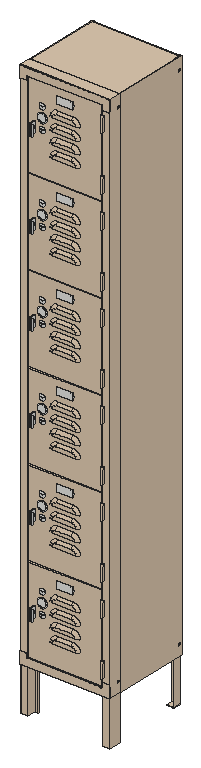
Revit family "Metal_Lockers-Salsbury_Industries-65000_66000_Series-1_Wide_Units", category Specialty Equipment, Revit 2023 (continued)
Definition of nested family "Metal Locker Legs"
  Automatic sketch dimensions
    plane 6 "Left Side of Unit" to Extrusion 2 sketch curve = 0.060"
    plane 17 "Back Edge of Rear Legs" to Extrusion 3 sketch curve = 0.000"
    Extrusion 3 sketch curve to plane 21 "Inside Edge or Rear Right Leg" = 0.000"
    Extrusion 3 sketch curve to plane 18 "Right Edge of Rear Right Leg" = 0.000"
    plane 20 to Extrusion 3 sketch curve = 0.000"
    plane 17 "Back Edge of Rear Legs" to Extrusion 3 sketch curve = 0.060"
    plane 18 "Right Edge of Rear Right Leg" to Extrusion 3 sketch curve = 0.060"
    plane 17 "Back Edge of Rear Legs" to Extrusion 4 sketch curve = 0.000"
    Extrusion 4 sketch curve to plane 18 "Right Edge of Rear Right Leg" = 0.000"
    plane 20 to Extrusion 4 sketch curve = 0.000"
    Extrusion 4 sketch curve to plane 21 "Inside Edge or Rear Right Leg" = 0.000"
    plane 17 "Back Edge of Rear Legs" to Extrusion 5 sketch curve = 0.000"
    Extrusion 5 sketch curve to plane 22 "Inside Edge or Left Rear Leg" = 0.000"
    Extrusion 5 sketch curve to plane 19 "Left Edge or Rear Left Leg" = 0.000"
    plane 20 to Extrusion 5 sketch curve = 0.000"
    Extrusion 5 sketch curve to plane 17 "Back Edge of Rear Legs" = 0.060"
    Extrusion 5 sketch curve to plane 19 "Left Edge or Rear Left Leg" = 0.060"
    plane 17 "Back Edge of Rear Legs" to Extrusion 6 sketch curve = 0.000"
    Extrusion 6 sketch curve to plane 19 "Left Edge or Rear Left Leg" = 0.000"
    plane 20 to Extrusion 6 sketch curve = 0.000"
    Extrusion 6 sketch curve to plane 22 "Inside Edge or Left Rear Leg" = 0.000"
Definition of nested family "Metal Locker Doors-12 inch with Latch Hasps"
  Parameters (values of type "Six Tier Door - 6 foot")
    Width = 9.901"
    Visible = yes
    Primary Structure Material = none
    Louver Set Vertical Alignment = 2.731"
    Number Plate Alignment = 0.9375"
    Louver Width = 4.000"
    Hinge 2 Placement = 8.449"
    Hinge 1 Placement = 1.125"
    Height = 11.532"
    Hasp Plate Rivet Material = none
    Hasp Height = 1.438"
    Depth = 0.900"
    Default Elevation = 0.000"
  Types (4): name | Louver Set Vertical Alignment | Hinge 2 Placement | Height
    Four Tier Door - 6 foot | 5.710" | 14.142" | 17.360"
    Four Tier Door - 5 foot | 4.240" | 11.142" | 14.360"
    Five Tier Door - 5 foot | 2.826" | 8.188" | 11.463"
    Six Tier Door - 6 foot | 2.731" | 8.449" | 11.532"
  Reference planes (in)
    plane 1 "Center (Front/Back)": y = 0
    plane 2 "Bottom of Door": z = 0
    plane 3 "Center (Left/Right)": x = 0
    plane 4 "Center (Top/Bottom)": z = 5.766
    plane 5 "Top of Door": z = 11.532
    plane 6 "Right Side of Door": x = 4.9505
    plane 7 "Left Side of Door": x = -4.9505
    plane 8 "Front of Door": y = -0.45
    plane 9 "Back of Door": y = 0.45
    plane 10 "Top of Number Plate": z = 10.5945
    plane 11 "Top of Top Vent 1": z = 8.801
    plane 12 "Top of Top Vent 2": z = 7.176
    plane 13 "Top of Top Vent 3": z = 5.551
    plane 14 "Top of Top Vent 4": z = 3.926
    plane 15 "Top of Hasp Alignment": z = 6.485
    plane 16 "Bottom of Hasp Alignment": z = 5.047
    plane 17 "Left Side of Louvers": x = -2
    plane 18 "Right Side of Louvers": x = 2
    plane 19 "Front of Louvers": y = -0.6375
    plane 20: x = -1.094
    plane 21: x = 1.094
    plane 22: z = 9.5945
    plane 23 "Center Hasp": x = -1.7755
    plane 24 "Top of Hinge 2": z = 3.083
    plane 25 "Top of Hinge 1": z = 10.407
    plane 26 "Left Hasp Hole Align": x = -4.263
    plane 27 "Right Hasp Hole Align": x = -4.013
    plane 28 "Center Hasp Stud Align": z = 7.18441
    plane 29 "Top Hasp Stud Align": z = 8.60282
    plane 30 "Vertical Hasp Stud Align": x = -3.076
    plane 31: z = 7.801
    plane 32: z = 6.176
    plane 33: z = 4.551
    plane 34: z = 2.926
    plane 35 "Vertical Center Hasp Align": x = -4.13777
  Forms (in)
    Extrusion 1, solid, material <- "Primary Structure Material", visible <- "Visible"
      sketch origin (0, 0, 0) x (1, 0, 0) y (0, 0, 1)
        loop
          line (-4.9505, 11.532) -> (-4.9505, 0) -> (4.9505, 0) -> (4.9505, 11.532) -> (-4.9505, 11.532)
      from -0.45 to 0.45
    Extrusion 2, solid, material <- "Hasp Plate Rivet Material", visible <- "Visible", detail levels medium+fine
      sketch origin (0, -0.45, 0) x (1, 0, 0) y (0, 0, 1)
        loop
          arc (-1.06847, 10.55895) -> (-1.10166, 10.09621) -> (-1.06847, 9.63347) r 3.2426
          arc (-1.06847, 9.63347) -> (0, 9.59472) -> (1.06847, 9.63347) r 14.75
          arc (1.06847, 9.63347) -> (1.10166, 10.09621) -> (1.06847, 10.55895) r 3.2426
          arc (1.06847, 10.55895) -> (0, 10.59799) -> (-1.06847, 10.55895) r 14.63753
      from 0 to 0.03497
    Extrusion 3, void
      sketch origin (-1.7755, -0.13281, 0.04687) x (0, 0, -1) y (0, -1, 0)
        loop
          circle (-5.44277, -0.16411) r 0.2
      from -0.163 to 0.163
    Extrusion 4, solid, material <- "Primary Structure Material", visible <- "Visible", detail levels medium+fine
      sketch origin (0, 0, 10.407) x (0, -1, 0) y (1, 0, 0)
        loop
          line (0.45, 4.9505) -> (0.575, 4.9505)
          arc (0.575, 4.9505) -> (0.7, 5.0755) -> (0.575, 5.2005) r 0.125
          line (0.575, 5.2005) -> (0.45, 5.2005) -> (0.45, 4.9505)
      from 0 to -2
    Extrusion 5, solid, material <- "Primary Structure Material", visible <- "Visible", detail levels medium+fine
      sketch origin (0, 0, 3.083) x (0, -1, 0) y (1, 0, 0)
        loop
          line (0.45, 4.9505) -> (0.575, 4.9505)
          arc (0.575, 4.9505) -> (0.7, 5.0755) -> (0.575, 5.2005) r 0.125
          line (0.575, 5.2005) -> (0.45, 5.2005) -> (0.45, 4.9505)
      from 0 to -2
    Extrusion 6, void
      sketch origin (0, -0.45, 0) x (1, 0, 0) y (0, 0, 1)
        loop
          line (-4.263, 6.485) -> (-4.263, 5.047) -> (-4.013, 5.047) -> (-4.013, 6.485) -> (-4.263, 6.485)
      from -0.9 to 0
    Blend 7, solid, material <- "Primary Structure Material", visible <- "Visible"
      base sketch origin (0.875, -0.45, 0.208) x (1, 0, 0) y (0, 0, 1)
        loop
          line (-2.875, 7.593) -> (1.125, 7.593)
          arc (1.125, 7.593) -> (0.83211, 8.30011) -> (0.125, 8.593) r 1
          line (0.125, 8.593) -> (-1.875, 8.593)
          arc (-1.875, 8.593) -> (-2.58211, 8.30011) -> (-2.875, 7.593) r 1
      top sketch origin (0.875, -0.6375, 0.208) x (1, 0, 0) y (0, 0, 1)
        loop
          line (-2.44242, 7.593) -> (0.69242, 7.593)
          arc (0.69242, 7.593) -> (0.52766, 7.99075) -> (0.12992, 8.1555) r 0.5625
          line (0.12992, 8.1555) -> (-1.87992, 8.1555)
          arc (-1.87992, 8.1555) -> (-2.27766, 7.99075) -> (-2.44242, 7.593) r 0.5625
      from 0 to 0
    Blend 8, solid, material <- "Primary Structure Material", visible <- "Visible"
      base sketch origin (0.875, -0.45, 1.652) x (1, 0, 0) y (0, 0, 1)
        loop
          line (-2.875, 4.524) -> (1.125, 4.524)
          arc (1.125, 4.524) -> (0.83211, 5.23111) -> (0.125, 5.524) r 1
          line (0.125, 5.524) -> (-1.875, 5.524)
          arc (-1.875, 5.524) -> (-2.58211, 5.23111) -> (-2.875, 4.524) r 1
      top sketch origin (0.875, -0.6375, 1.652) x (1, 0, 0) y (0, 0, 1)
        loop
          line (-2.43346, 4.524) -> (0.68346, 4.524)
          arc (0.68346, 4.524) -> (0.52224, 4.91321) -> (0.13303, 5.07443) r 0.55043
          line (0.13303, 5.07443) -> (-1.88303, 5.07443)
          arc (-1.88303, 5.07443) -> (-2.27224, 4.91321) -> (-2.43346, 4.524) r 0.55043
      from 0 to 0
    Blend 9, solid, material <- "Primary Structure Material", visible <- "Visible"
      base sketch origin (0.875, -0.45, -3.042) x (1, 0, 0) y (0, 0, 1)
        loop
          line (-2.875, 7.593) -> (1.125, 7.593)
          arc (1.125, 7.593) -> (0.83211, 8.30011) -> (0.125, 8.593) r 1
          line (0.125, 8.593) -> (-1.875, 8.593)
          arc (-1.875, 8.593) -> (-2.58211, 8.30011) -> (-2.875, 7.593) r 1
      top sketch origin (0.875, -0.6375, -3.042) x (1, 0, 0) y (0, 0, 1)
        loop
          line (-2.44242, 7.593) -> (0.58842, 7.593)
          arc (0.58842, 7.593) -> (0.45412, 7.91721) -> (0.12992, 8.0515) r 0.4585
          line (0.12992, 8.0515) -> (-1.98392, 8.0515)
          arc (-1.98392, 8.0515) -> (-2.30812, 7.91721) -> (-2.44242, 7.593) r 0.4585
      from 0 to 0
    Blend 10, solid, material <- "Primary Structure Material", visible <- "Visible"
      base sketch origin (0.875, -0.45, -1.598) x (1, 0, 0) y (0, 0, 1)
        loop
          line (-2.875, 4.524) -> (1.125, 4.524)
          arc (1.125, 4.524) -> (0.83211, 5.23111) -> (0.125, 5.524) r 1
          line (0.125, 5.524) -> (-1.875, 5.524)
          arc (-1.875, 5.524) -> (-2.58211, 5.23111) -> (-2.875, 4.524) r 1
      top sketch origin (0.875, -0.6375, -1.598) x (1, 0, 0) y (0, 0, 1)
        loop
          line (-2.43234, 4.524) -> (0.68234, 4.524)
          arc (0.68234, 4.524) -> (0.52129, 4.9128) -> (0.13249, 5.07385) r 0.54985
          line (0.13249, 5.07385) -> (-1.88249, 5.07385)
          arc (-1.88249, 5.07385) -> (-2.27129, 4.9128) -> (-2.43234, 4.524) r 0.54985
      from 0 to 0
    Blend 11, solid, material <- "Hasp Plate Rivet Material", visible <- "Visible", detail levels medium+fine
      base sketch origin (0, -0.45, 0) x (1, 0, 0) y (0, 0, 1)
        loop
          circle (-3.076, 5.766) r 0.375
      top sketch origin (0, -0.45, 0) x (1, 0, 0) y (0, 0, 1)
        loop
          circle (-3.076, 5.766) r 0.09706
      from 0 to 0.03497
    Blend 12, solid, material <- "Hasp Plate Rivet Material", visible <- "Visible", detail levels medium+fine
      base sketch origin (0, -0.45, 2.83682) x (1, 0, 0) y (0, 0, 1)
        loop
          circle (-3.076, 5.766) r 0.375
      top sketch origin (0, -0.45, 2.83682) x (1, 0, 0) y (0, 0, 1)
        loop
          circle (-3.076, 5.766) r 0.09706
      from 0 to 0.03497
    Blend 13, solid, material <- "Hasp Plate Rivet Material", visible <- "Visible", detail levels medium+fine
      base sketch origin (0, -0.45, -0.16841) x (1, 0, 0) y (0, 0, 1)
        loop
          circle (-3.076, 7.35282) r 0.625
      top sketch origin (0, -0.45, -0.16841) x (1, 0, 0) y (0, 0, 1)
        loop
          circle (-3.076, 7.35282) r 0.58088
      from 0 to 0.03497
    Extrusion 14, solid, material <- "Hasp Plate Rivet Material", visible <- "Visible"
      sketch origin (0, 0, 5.047) x (0, -1, 0) y (1, 0, 0)
        loop
          line (-0.45, -4.07527) -> (-0.45, -4.13777) -> (1.2, -4.13777)
          arc (1.2, -4.13777) -> (1.24419, -4.11946) -> (1.2625, -4.07527) r 0.0625
          line (1.2625, -4.07527) -> (1.2625, -3.76277) -> (1.20579, -3.76277) -> (1.20579, -4.0127)
          arc (1.20579, -4.0127) -> (1.18746, -4.05694) -> (1.14322, -4.07527) r 0.06257
          line (1.14322, -4.07527) -> (-0.45, -4.07527)
      from 0 to 1.438
    Extrusion 15, solid, material <- "Hasp Plate Rivet Material", visible <- "Visible"
      sketch origin (0, 0, 5.047) x (0, -1, 0) y (1, 0, 0)
        loop
          line (-0.45, -4.20027) -> (1.2625, -4.20027) -> (1.2625, -4.13777) -> (-0.45, -4.13777) -> (-0.45, -4.20027)
      from 0 to 1.438
    Extrusion 16, void
      sketch origin (-4.013, 0, 0) x (0, 0, -1) y (0, -1, 0)
        loop
          circle (-5.766, 0.82219) r 0.375
      from 0 to 0.25
  Cuts and joins
    Extrusion 3, Extrusion 6 cuts Extrusion 1
    Extrusion 16 cuts Extrusion 14
    Extrusion 16 cuts Extrusion 15
  Lines and regions (in)
    symbolic lines
      curve 1: arc (-2, -0.45, 7.801) -> (-1.70711, -0.45, 8.50811) -> (-1, -0.45, 8.801) r 1
      curve 2: arc (2, -0.45, 7.801) -> (1.70711, -0.45, 8.50811) -> (1, -0.45, 8.801) r 1
      curve 3: arc (2, -0.45, 6.176) -> (1.70711, -0.45, 6.88311) -> (1, -0.45, 7.176) r 1
      curve 4: arc (-2, -0.45, 6.176) -> (-1.70711, -0.45, 6.88311) -> (-1, -0.45, 7.176) r 1
      curve 5: arc (2, -0.45, 4.551) -> (1.70711, -0.45, 5.25811) -> (1, -0.45, 5.551) r 1
      curve 6: arc (-2, -0.45, 4.551) -> (-1.70711, -0.45, 5.25811) -> (-1, -0.45, 5.551) r 1
      curve 7: arc (-2, -0.45, 2.926) -> (-1.70711, -0.45, 3.63311) -> (-1, -0.45, 3.926) r 1
      curve 8: arc (2, -0.45, 2.926) -> (1.70711, -0.45, 3.63311) -> (1, -0.45, 3.926) r 1
      curve 9: line (-2, -0.45, 2.926) -> (2, -0.45, 2.926)
      curve 10: line (1, -0.45, 3.926) -> (-1, -0.45, 3.926)
      curve 11: line (-2, -0.45, 4.551) -> (2, -0.45, 4.551)
      curve 12: line (1, -0.45, 5.551) -> (-1, -0.45, 5.551)
      curve 13: line (1, -0.45, 7.176) -> (-1, -0.45, 7.176)
      curve 14: line (-2, -0.45, 6.176) -> (2, -0.45, 6.176)
      curve 15: line (2, -0.45, 7.801) -> (-2, -0.45, 7.801)
      curve 16: line (1, -0.45, 8.801) -> (-1, -0.45, 8.801)
      curve 17: circle (-3.076, -0.45, 7.18441) r 0.625 normal (0, -1, 0)
      curve 18: circle (-3.076, -0.45, 8.60282) r 0.375 normal (0, -1, 0)
      curve 19: circle (-3.076, -0.45, 5.766) r 0.375 normal (0, -1, 0)
      curve 20: line (-4.263, -0.45, 6.485) -> (-3.76277, -0.45, 6.485)
      curve 21: line (-4.263, -0.45, 5.047) -> (-4.263, -0.45, 6.485)
      curve 22: line (-3.76277, -0.45, 5.047) -> (-4.263, -0.45, 5.047)
      curve 23: line (-3.76277, -0.45, 6.485) -> (-3.76277, -0.45, 5.047)
      curve 24: line (-4.20027, -0.44719, 5.047) -> (-4.20027, -1.2625, 5.047)
      curve 25: line (-4.20027, -1.2625, 5.047) -> (-3.76277, -1.2625, 5.047)
      curve 26: line (-3.76277, -1.2625, 5.047) -> (-3.76277, -1.20579, 5.047)
      curve 27: line (-3.76277, -1.20579, 5.047) -> (-4.0127, -1.20579, 5.047)
      curve 28: arc (-4.0127, -1.20579, 5.047) -> (-4.05694, -1.18746, 5.047) -> (-4.07527, -1.14322, 5.047) r 0.06257
      curve 29: line (-4.07527, -1.14322, 5.047) -> (-4.07527, -0.44719, 5.047)
      curve 30: line (-1.56742, -0.6375, 5.047) -> (-2, -0.45, 5.047)
      curve 31: line (1.55734, -0.6375, 5.047) -> (2.0161, -0.43865, 5.047)
      curve 32: line (1.55734, -0.6375, 5.047) -> (-1.56742, -0.6375, 5.047)
  Dimensions and locks (in)
    equal spacing: plane 5 "Top of Door", plane 4 "Center (Top/Bottom)", plane 2 "Bottom of Door"
    "Height": plane 5 "Top of Door" to plane 2 "Bottom of Door"
    equal spacing: plane 8 "Front of Door", plane 1 "Center (Front/Back)", plane 9 "Back of Door"
    "Depth": plane 8 "Front of Door" to plane 9 "Back of Door"
    equal spacing: plane 7 "Left Side of Door", plane 3 "Center (Left/Right)", plane 6 "Right Side of Door"
    "Width": plane 7 "Left Side of Door" to plane 6 "Right Side of Door"
    "Number Plate Alignment": plane 5 "Top of Door" to plane 10 "Top of Number Plate" to plane 22
    equal spacing: plane 17 "Left Side of Louvers", plane 3 "Center (Left/Right)", plane 18 "Right Side of Louvers"
    "Louver Width": plane 17 "Left Side of Louvers" to plane 18 "Right Side of Louvers"
    "Louver Set Vertical Alignment": plane 5 "Top of Door" to plane 11 "Top of Top Vent 1"
    plane 11 "Top of Top Vent 1" to plane 12 "Top of Top Vent 2" to plane 13 "Top of Top Vent 3" to plane 14 "Top of Top Vent 4" = 1.625", 1.625", 1.625"
    plane 29 "Top Hasp Stud Align" to plane 28 "Center Hasp Stud Align" to plane 15 "Top of Hasp Alignment" to plane 4 "Center (Top/Bottom)" to plane 16 "Bottom of Hasp Alignment" = 1.41841", 0.69941", 0.719", 0.719"
    "Hasp Height": plane 15 "Top of Hasp Alignment" to plane 16 "Bottom of Hasp Alignment"
    locked: plane 19 "Front of Louvers" to plane 8 "Front of Door" at 0.1875
    plane 20 to plane 3 "Center (Left/Right)" to plane 21 = 1.094" locked, 1.094" locked
    "Hinge 1 Placement": plane 5 "Top of Door" to plane 25 "Top of Hinge 1"
    "Hinge 2 Placement": plane 5 "Top of Door" to plane 24 "Top of Hinge 2"
    plane 7 "Left Side of Door" to plane 26 "Left Hasp Hole Align" to plane 27 "Right Hasp Hole Align" to plane 30 "Vertical Hasp Stud Align" = 0.6875" locked, 0.250" locked, 0.937" locked
    plane 11 "Top of Top Vent 1" to plane 31 = 1.000"
    plane 12 "Top of Top Vent 2" to plane 32 = 1.000"
    plane 13 "Top of Top Vent 3" to plane 33 = 1.000"
    plane 14 "Top of Top Vent 4" to plane 34 = 1.000"
    aligned and locked: level to plane 2 "Bottom of Door"
    aligned and locked: plane 5 "Top of Door" to Extrusion 1 sketch curve
    aligned and locked: Extrusion 1 sketch curve to plane 7 "Left Side of Door"
    aligned and locked: plane 2 "Bottom of Door" to Extrusion 1 sketch curve
    aligned and locked: plane 6 "Right Side of Door" to Extrusion 1 sketch curve
    aligned and locked: plane 15 "Top of Hasp Alignment" to Extrusion 6 sketch curve
    aligned and locked: Extrusion 6 sketch curve to plane 26 "Left Hasp Hole Align"
    aligned and locked: Extrusion 6 sketch curve to plane 16 "Bottom of Hasp Alignment"
    aligned and locked: plane 27 "Right Hasp Hole Align" to Extrusion 6 sketch curve
    aligned and locked: plane 11 "Top of Top Vent 1" to Blend 7
    aligned and locked: plane 12 "Top of Top Vent 2" to Blend 8
    aligned and locked: plane 13 "Top of Top Vent 3" to Blend 9
    aligned and locked: plane 14 "Top of Top Vent 4" to Blend 10
    aligned and locked: plane 31 to Blend 7
    aligned and locked: Blend 7 sketch curve to plane 11 "Top of Top Vent 1"
    aligned and locked: plane 31 to Blend 7 sketch curve  (x2)
    aligned and locked: Blend 8 sketch curve to plane 12 "Top of Top Vent 2"
    aligned and locked: plane 32 to Blend 8 sketch curve  (x2)
    aligned and locked: Blend 9 sketch curve to plane 13 "Top of Top Vent 3"
    aligned and locked: plane 33 to Blend 9 sketch curve  (x2)
    aligned and locked: Blend 10 sketch curve to plane 14 "Top of Top Vent 4"
    aligned and locked: plane 34 to Blend 10 sketch curve  (x2)
    aligned and locked: plane 29 "Top Hasp Stud Align" to Blend 12 sketch curve  (x2)
    aligned and locked: plane 4 "Center (Top/Bottom)" to Blend 11 sketch curve  (x2)
    aligned and locked: plane 28 "Center Hasp Stud Align" to Blend 13 sketch curve  (x2)
    aligned and locked: plane 35 "Vertical Center Hasp Align" to Extrusion 15 sketch curve
    aligned and locked: plane 35 "Vertical Center Hasp Align" to Extrusion 14 sketch curve
    aligned and locked: plane 4 "Center (Top/Bottom)" to Extrusion 16 sketch curve
    aligned and locked: curve 1 to Blend 7  (x2)
    aligned and locked: Blend 7 to curve 2  (x2)
    aligned and locked: curve 3 to Blend 8
    aligned and locked: Blend 8 to curve 3
    aligned and locked: curve 4 to Blend 8
    aligned and locked: curve 5 to Blend 9
    aligned and locked: Blend 9 to curve 5
    aligned and locked: Blend 9 to curve 6
    aligned and locked: curve 6 to Blend 9
    aligned and locked: curve 7 to Blend 10
    aligned and locked: curve 8 to Blend 10
    aligned and locked: curve 9 to Blend 10
    aligned and locked: curve 10 to Blend 10
    aligned and locked: curve 14 to Blend 8
    aligned and locked: curve 20 to cut or joined group of Extrusion 1, Extrusion 3, Extrusion 6
    aligned and locked: curve 21 to cut or joined group of Extrusion 1, Extrusion 3, Extrusion 6
    aligned and locked: curve 22 to cut or joined group of Extrusion 14, Extrusion 16
    aligned and locked: curve 23 to cut or joined group of Extrusion 14, Extrusion 16
    aligned and locked: curve 24 to cut or joined group of Extrusion 15, Extrusion 16
    aligned and locked: curve 25 to cut or joined group of Extrusion 15, Extrusion 16
    aligned and locked: curve 26 to cut or joined group of Extrusion 14, Extrusion 16
    aligned and locked: curve 27 to cut or joined group of Extrusion 14, Extrusion 16
    aligned and locked: curve 28 to cut or joined group of Extrusion 14, Extrusion 16
  Automatic sketch dimensions
    Extrusion 2 sketch curve to plane 3 "Center (Left/Right)" = 0.000"  (x2)
    plane 17 "Left Side of Louvers" to Extrusion 2 sketch curve = 0.14094"
    Extrusion 2 sketch curve to plane 18 "Right Side of Louvers" = 0.14094"
    Extrusion 2 sketch curve to level = 4.03954"
    plane 25 "Top of Hinge 1" to Extrusion 2 sketch curve = 0.31079"  (x2)
    Extrusion 2 sketch curve to plane 5 "Top of Door" = 12.81272"
    Extrusion 2 sketch curve to plane 20 = 0.02553"  (x2)
    plane 21 to Extrusion 2 sketch curve = 0.02553"
    Extrusion 2 sketch curve to plane 22 = 0.03897"
    plane 13 "Top of Top Vent 3" to Extrusion 3 sketch curve = 0.06135"
    Extrusion 3 sketch curve to plane 1 "Center (Front/Back)" = 0.0313"
    Extrusion 4 sketch curve to plane 6 "Right Side of Door" = 0.000"
    plane 8 "Front of Door" to Extrusion 4 sketch curve = 0.000"
    Extrusion 4 sketch curve to plane 19 "Front of Louvers" = 0.0625"
    Extrusion 4 sketch curve to plane 6 "Right Side of Door" = 0.125"
    Extrusion 5 sketch curve to plane 6 "Right Side of Door" = 0.000"
    plane 8 "Front of Door" to Extrusion 5 sketch curve = 0.000"
    Extrusion 5 sketch curve to plane 19 "Front of Louvers" = 0.0625"
    Extrusion 5 sketch curve to plane 6 "Right Side of Door" = 0.125"
    plane 17 "Left Side of Louvers" to Blend 7 sketch curve = 0.000"
    plane 18 "Right Side of Louvers" to Blend 7 sketch curve = 0.000"
    Blend 7 sketch curve to plane 23 "Center Hasp" = 0.20808"
    Blend 7 sketch curve to plane 20 = 0.08908"
    plane 21 to Blend 7 sketch curve = 0.08908"
    plane 17 "Left Side of Louvers" to Blend 8 sketch curve = 0.000"
    plane 18 "Right Side of Louvers" to Blend 8 sketch curve = 0.000"
    Blend 8 sketch curve to plane 23 "Center Hasp" = 0.21704"
    Blend 8 sketch curve to plane 20 = 0.08597"
    plane 21 to Blend 8 sketch curve = 0.08597"
    plane 17 "Left Side of Louvers" to Blend 9 sketch curve = 0.000"
    plane 18 "Right Side of Louvers" to Blend 9 sketch curve = 0.000"
    Blend 9 sketch curve to plane 23 "Center Hasp" = 0.20808"
    plane 16 "Bottom of Hasp Alignment" to Blend 9 sketch curve = 0.0375"
    plane 21 to Blend 9 sketch curve = 0.08908"
    plane 17 "Left Side of Louvers" to Blend 10 sketch curve = 0.000"
    plane 18 "Right Side of Louvers" to Blend 10 sketch curve = 0.000"
    Blend 10 sketch curve to plane 23 "Center Hasp" = 0.21816"
    Blend 10 sketch curve to plane 20 = 0.08651"
    plane 21 to Blend 10 sketch curve = 0.08651"
    plane 30 "Vertical Hasp Stud Align" to Blend 11 sketch curve = 0.000"  (x2)
    plane 30 "Vertical Hasp Stud Align" to Blend 12 sketch curve = 0.000"  (x2)
    plane 30 "Vertical Hasp Stud Align" to Blend 13 sketch curve = 0.000"  (x2)
    Extrusion 14 sketch curve to plane 1 "Center (Front/Back)" = 0.450"
    plane 27 "Right Hasp Hole Align" to Extrusion 14 sketch curve = 0.06227"
    Extrusion 14 sketch curve to plane 27 "Right Hasp Hole Align" = 0.0003"
    plane 19 "Front of Louvers" to Extrusion 14 sketch curve = 0.50572"
    Extrusion 14 sketch curve to Extrusion 14 sketch curve = 0.05678"
    Extrusion 14 sketch curve to Extrusion 14 sketch curve = 0.24993"
    plane 9 "Back of Door" to Extrusion 15 sketch curve = 0.000"
    plane 19 "Front of Louvers" to Extrusion 15 sketch curve = 0.625"
    Extrusion 15 sketch curve to plane 26 "Left Hasp Hole Align" = 0.06273"
    Extrusion 14 sketch curve to Extrusion 14 sketch curve = 0.06257"
    plane 19 "Front of Louvers" to Extrusion 16 sketch curve = 0.18469"
    curve 19 to plane 4 "Center (Top/Bottom)" = 0.000"
    plane 30 "Vertical Hasp Stud Align" to curve 19 = 0.000"
    curve 17 to plane 28 "Center Hasp Stud Align" = 0.000"
    plane 30 "Vertical Hasp Stud Align" to curve 17 = 0.000"
    curve 18 to plane 29 "Top Hasp Stud Align" = 0.000"
    plane 30 "Vertical Hasp Stud Align" to curve 18 = 0.000"
    plane 17 "Left Side of Louvers" to curve 11 = 0.000"
    plane 17 "Left Side of Louvers" to curve 4 = 0.000"
    plane 17 "Left Side of Louvers" to curve 9 = 0.000"
    plane 17 "Left Side of Louvers" to curve 15 = 0.000"
    plane 18 "Right Side of Louvers" to curve 8 = 0.000"
    plane 18 "Right Side of Louvers" to curve 3 = 0.000"
    plane 18 "Right Side of Louvers" to curve 15 = 0.000"
    plane 18 "Right Side of Louvers" to curve 11 = 0.000"
    plane 8 "Front of Door" to curve 30 = 0.000"
    plane 19 "Front of Louvers" to curve 30 = 0.000"
    curve 30 to plane 17 "Left Side of Louvers" = 0.000"
    curve 29 to curve 27 = 0.06257"
    curve 24 to plane 8 "Front of Door" = 0.00281"
    curve 29 to plane 8 "Front of Door" = 0.00281"
    curve 31 to plane 8 "Front of Door" = 0.01135"
    curve 30 to plane 23 "Center Hasp" = 0.20808"
    plane 18 "Right Side of Louvers" to curve 32 = 0.44266"
    curve 31 to plane 18 "Right Side of Louvers" = 0.0161"
    radius of Extrusion 3 sketch curve = 0.200"
    radius of Blend 11 sketch curve = 0.375"
    radius of Blend 11 sketch curve = 0.09706"
    radius of Blend 12 sketch curve = 0.375"
    radius of Blend 12 sketch curve = 0.09706"
    radius of Blend 13 sketch curve = 0.625"
    radius of Blend 13 sketch curve = 0.58088"
    radius of Extrusion 16 sketch curve = 0.375"
    radius of curve 17 = 0.625"
    radius of curve 18 = 0.375"
    radius of curve 19 = 0.375"
Definition of nested family "Metal Locker Front Base"
  Parameters (values of type "77742 - for 12" W Lockers with Legs")
    Width = 10.040"
    Visible [instance] = yes
    Version = "1.0 (11/30/15)"
    Type Comments = "Front Base for Standard Metal Lockers"
    Primary Structure Material = none
    Model = "77742"
    MasterFormat Title = ""
    MasterFormat Number = ""
    Manufacturer = "Salsbury Industries"
    Description = "Front Base for 12\" Wide Lockers"
    Depth = 1.185"
    Height = 6.000"
    Default Elevation = 0.000"
    Assembly Code = ""
  Types (3): name | Width | Visible | Model | Description
    77742 - for 12" W Lockers with Legs | 10.040" | yes | "77742" | "Front Base for 12\" Wide Lockers"
    77745 - for 15" W Lockers with Legs | 13.040" | yes | "77745" | "Front Base for 15\" Wide Lockers"
    None | 10.040" | no | "77742" | "Front Base for 12\" Wide Lockers"
  Reference planes (in)
    plane 1 "Center (Front/Back)": y = -5.417
    plane 2: z = 0
    plane 3 "Center (Left/Right)": x = 0
    plane 4 "Floor": z = 0
    plane 5 "Top of Enclosure": z = 6
    plane 6 "Front of Enclosure": y = -6.005
    plane 7 "Right Side of Enclosure": x = 5.02
    plane 8 "Left Side of Enclosure": x = -5.02
    plane 9 "Back of Enclosure": y = -4.82
  Forms (in)
    Extrusion 1, solid, material <- "Primary Structure Material", visible <- "Visible"
      sketch origin (0, -6.005, 0) x (1, 0, 0) y (0, 0, 1)
        loop
          line (-5.02, 6) -> (-5.02, 0) -> (5.02, 0) -> (5.02, 6) -> (-5.02, 6)
      from -0.06 to 0
    Extrusion 2, solid, material <- "Primary Structure Material", visible <- "Visible"
      sketch origin (0, 0, 0) x (0, 1, 0) y (0, 0, 1)
        loop
          line (-5.945, 6) -> (-5.945, 5.94) -> (-4.82, 5.94) -> (-4.82, 6) -> (-5.945, 6)
      from -5.02 to 5.02
    Extrusion 3, solid, material <- "Primary Structure Material", visible <- "Visible"
      sketch origin (5.02, 0, 0) x (0, 0, -1) y (0, -1, 0)
        loop
          line (-5.75, 5.945) -> (-5.75, 4.82) -> (-0.25, 4.82) -> (-0.25, 5.945) -> (-5.75, 5.945)
      from 0 to 0.06
    Extrusion 4, solid, material <- "Primary Structure Material", visible <- "Visible"
      sketch origin (-5.02, 0, 0) x (0, 0, -1) y (0, -1, 0)
        loop
          line (-5.75, 5.945) -> (-5.75, 4.82) -> (-0.25, 4.82) -> (-0.25, 5.945) -> (-5.75, 5.945)
      from 0 to -0.06
  Dimensions and locks (in)
    "Height": plane 5 "Top of Enclosure" to plane 4 "Floor"
    plane 6 "Front of Enclosure" to plane 1 "Center (Front/Back)" = 0.588"
    "Depth": plane 6 "Front of Enclosure" to plane 9 "Back of Enclosure"
    equal spacing: plane 8 "Left Side of Enclosure", plane 3 "Center (Left/Right)", plane 7 "Right Side of Enclosure"
    "Width": plane 8 "Left Side of Enclosure" to plane 7 "Right Side of Enclosure"
    aligned and locked: level to plane 2
    aligned and locked: plane 8 "Left Side of Enclosure" to Extrusion 2
    aligned and locked: Extrusion 2 to plane 7 "Right Side of Enclosure"
    aligned and locked: Extrusion 1 to plane 7 "Right Side of Enclosure"
  Automatic sketch dimensions
    Extrusion 1 sketch curve to Extrusion 1 sketch curve = 10.040"
    Extrusion 1 sketch curve to Extrusion 1 sketch curve = 6.000"
    Extrusion 2 sketch curve to Extrusion 2 sketch curve = 1.125"
    Extrusion 2 sketch curve to Extrusion 2 sketch curve = 0.060"
    Extrusion 3 sketch curve to Extrusion 3 sketch curve = 5.500"
    Extrusion 3 sketch curve to Extrusion 3 sketch curve = 1.125"
    Extrusion 4 sketch curve to Extrusion 4 sketch curve = 5.500"
    Extrusion 4 sketch curve to Extrusion 4 sketch curve = 1.125"
    Extrusion 1 sketch curve to level = 0.000"
    plane 8 "Left Side of Enclosure" to Extrusion 1 sketch curve = 0.000"
    plane 5 "Top of Enclosure" to Extrusion 2 sketch curve = 0.000"
    Extrusion 2 sketch curve to plane 9 "Back of Enclosure" = 0.000"
    Extrusion 3 sketch curve to plane 9 "Back of Enclosure" = 0.000"
    plane 5 "Top of Enclosure" to Extrusion 3 sketch curve = 0.250"
    Extrusion 4 sketch curve to plane 9 "Back of Enclosure" = 0.000"
    plane 5 "Top of Enclosure" to Extrusion 4 sketch curve = 0.250"
Definition of nested family "Metal Locker Right Side Base"
  Parameters (values of type "77732 Right - for 12" D Lockers with Legs")
    Width including Rivet [instance] = 1.290"
    Visible = yes
    Primary Structure Material = none
    Depth = 10.422"
    Version = "1.0 (11/30/15)"
    Type Comments = "End Base for Standard Metal Lockers"
    Model = "77732"
    MasterFormat Title = ""
    MasterFormat Number = ""
    Manufacturer = "Salsbury Industries"
    Description = "1.25\"W x 6\" H x 10\"D"
    Width = 1.250"
    Height = 6.000"
    Default Elevation = 0.000"
    Assembly Code = ""
  Types (4): name | Visible | Depth | Model | Description
    77732 Right - for 12" D Lockers with Legs | yes | 10.422" | "77732" | "1.25\"W x 6\" H x 10\"D"
    77735 Right - for 15" D Lockers with Legs | yes | 13.422" | "77735" | "1.25\"W x 6\" H x 13\"D"
    77738 Right - for 18" D Lockers with Legs | yes | 16.422" | "77738" | "1.25\"W x 6\" H x 16\"D"
    None | no | 10.422" | "" | ""
  Reference planes (in)
    plane 1 "Center (Front/Back)": y = 0
    plane 2: z = 0
    plane 3 "Center (Left/Right)": x = 5.395
    plane 4 "Floor": z = 0
    plane 5 "Top of Enclosure": z = 6
    plane 6 "Left Side of Unit": x = 4.77
    plane 7 "Right Side of Unit": x = 6.02
    plane 8 "Left Edge of Enclosure": y = -5.211
    plane 9 "Right Edge of Enclosure": y = 5.211
    plane 10 "Left Edge of Insert": y = -6.27647
    plane 11 "Right Edge of Insert": y = -5.15147
    plane 12 "Rivet Edge": x = 6.06
  Forms (in)
    Extrusion 1, solid, material <- "Primary Structure Material", visible <- "Visible"
      sketch origin (6.02, 0, 0) x (0, 0, -1) y (0, -1, 0)
        loop
          line (-6, 5.211) -> (-6, -5.211) -> (0, -5.211) -> (0, 5.211) -> (-6, 5.211)
      from 0 to 0.06
    Extrusion 2, solid, material <- "Primary Structure Material", visible <- "Visible"
      sketch origin (0, 0, 6) x (0, -1, 0) y (1, 0, 0)
        loop
          line (5.15147, 5.96) -> (5.15147, 5.9) -> (6.27647, 5.9) -> (6.27647, 5.96) -> (5.15147, 5.96)
      from -6 to 0
    Extrusion 3, solid, material <- "Primary Structure Material", visible <- "Visible"
      sketch origin (6.02, 0, 0) x (0, 0, -1) y (0, -1, 0)
        loop
          line (-6, 4.90147) -> (-6, -3.961) -> (-5.94, -3.961) -> (-5.94, 4.90147) -> (-6, 4.90147)
      from 0.06 to 1.25
    Extrusion 4, solid, material <- "Primary Structure Material", visible <- "Visible"
      sketch origin (6.02, 0, -5.94) x (0, 0, -1) y (0, -1, 0)
        loop
          line (-6, 4.90147) -> (-6, -3.961) -> (-5.94, -3.961) -> (-5.94, 4.90147) -> (-6, 4.90147)
      from 0.06 to 1.25
  Dimensions and locks (in)
    "Height": plane 5 "Top of Enclosure" to plane 4 "Floor"
    plane 10 "Left Edge of Insert" to plane 8 "Left Edge of Enclosure" to plane 11 "Right Edge of Insert" = 1.06547" locked, 0.05953" locked
    equal spacing: plane 8 "Left Edge of Enclosure", plane 1 "Center (Front/Back)", plane 9 "Right Edge of Enclosure"
    "Depth": plane 8 "Left Edge of Enclosure" to plane 9 "Right Edge of Enclosure"
    equal spacing: plane 6 "Left Side of Unit", plane 3 "Center (Left/Right)", plane 7 "Right Side of Unit"
    "Width": plane 6 "Left Side of Unit" to plane 7 "Right Side of Unit"
    locked: plane 7 "Right Side of Unit" to plane 12 "Rivet Edge" at 0.04
    "Width including Rivet": plane 6 "Left Side of Unit" to plane 12 "Rivet Edge"
    aligned and locked: level to plane 2
    aligned and locked: plane 11 "Right Edge of Insert" to Extrusion 2
    aligned and locked: plane 10 "Left Edge of Insert" to Extrusion 2
    aligned and locked: Extrusion 3 to Extrusion 1
    aligned and locked: plane 6 "Left Side of Unit" to Extrusion 3
  Automatic sketch dimensions
    plane 5 "Top of Enclosure" to Extrusion 1 sketch curve = 0.000"
    Extrusion 1 sketch curve to level = 0.000"
    Extrusion 2 sketch curve to plane 8 "Left Edge of Enclosure" = 0.05953"
    plane 7 "Right Side of Unit" to Extrusion 2 sketch curve = 0.120"
    Extrusion 2 sketch curve to Extrusion 2 sketch curve = 0.060"
    Extrusion 1 sketch curve to plane 8 "Left Edge of Enclosure" = 0.000"
    Extrusion 1 sketch curve to plane 9 "Right Edge of Enclosure" = 0.000"
    plane 10 "Left Edge of Insert" to Extrusion 2 sketch curve = 0.000"
    plane 5 "Top of Enclosure" to Extrusion 3 sketch curve = 0.000"
    Extrusion 3 sketch curve to Extrusion 3 sketch curve = 0.060"
    plane 9 "Right Edge of Enclosure" to Extrusion 3 sketch curve = 1.250"
    Extrusion 3 sketch curve to plane 11 "Right Edge of Insert" = 0.250"
    Extrusion 4 sketch curve to level = 0.000"
    level to Extrusion 4 sketch curve = 0.060"
    plane 9 "Right Edge of Enclosure" to Extrusion 4 sketch curve = 1.250"
    Extrusion 4 sketch curve to plane 11 "Right Edge of Insert" = 0.250"
Definition of nested family "Metal Locker Left Side Base"
  Parameters (values of type "77732 Left - for 12" D Lockers with Legs")
    Width including Rivet [instance] = 1.290"
    Visible = yes
    Primary Structure Material = none
    Depth = 10.422"
    Version = "1.0 (11/30/15)"
    Type Comments = "End Base for Standard Metal Lockers"
    Model = "77732"
    MasterFormat Title = ""
    MasterFormat Number = ""
    Manufacturer = "Salsbury Industries"
    Description = "1.25\"W x 6\" H x 10\"D"
    Width = 1.250"
    Height = 6.000"
    Default Elevation = 0.000"
    Assembly Code = ""
  Types (4): name | Visible | Depth | Model | Description
    77732 Left - for 12" D Lockers with Legs | yes | 10.422" | "77732" | "1.25\"W x 6\" H x 10\"D"
    77735 Left - for 15" D Lockers with Legs | yes | 13.422" | "77735" | "1.25\"W x 6\" H x 13\"D"
    77738 Left - for 18" D Lockers with Legs | yes | 16.422" | "77738" | "1.25\"W x 6\" H x 16\"D"
    None | no | 10.422" | "" | ""
  Reference planes (in)
    plane 1 "Center (Front/Back)": y = 0
    plane 2: z = 0
    plane 3 "Center (Left/Right)": x = 5.395
    plane 4 "Floor": z = 0
    plane 5 "Top of Enclosure": z = 6
    plane 6 "Left Side of Unit": x = 4.77
    plane 7 "Right Side of Unit": x = 6.02
    plane 8 "Left Edge of Enclosure": y = -5.211
    plane 9 "Right Edge of Enclosure": y = 5.211
    plane 10 "Left Edge of Insert": y = -6.27647
    plane 11 "Right Edge of Insert": y = -5.15147
    plane 12 "Edge of Rivet": x = 4.73
  Forms (in)
    Extrusion 1, solid, material <- "Primary Structure Material", visible <- "Visible"
      sketch origin (6.02, 0, 0) x (0, 0, -1) y (0, -1, 0)
        loop
          line (-6, 4.90147) -> (-6, -3.961) -> (-5.94, -3.961) -> (-5.94, 4.90147) -> (-6, 4.90147)
      from 0 to 1.19
    Extrusion 2, solid, material <- "Primary Structure Material", visible <- "Visible"
      sketch origin (6.02, 0, -5.94) x (0, 0, -1) y (0, -1, 0)
        loop
          line (-6, 4.90147) -> (-6, -3.961) -> (-5.94, -3.961) -> (-5.94, 4.90147) -> (-6, 4.90147)
      from 0 to 1.19
    Extrusion 3, solid, material <- "Primary Structure Material", visible <- "Visible"
      sketch origin (4.77, 0, 0) x (0, 0, -1) y (0, 1, 0)
        loop
          line (-6, -5.211) -> (0, -5.211) -> (0, 5.211) -> (-6, 5.211) -> (-6, -5.211)
      from 0 to 0.06
    Extrusion 4, solid, material <- "Primary Structure Material", visible <- "Visible"
      sketch origin (10.79, 0, 6) x (0, -1, 0) y (1, 0, 0)
        loop
          line (5.15147, -5.96) -> (6.27647, -5.96) -> (6.27647, -5.9) -> (5.15147, -5.9) -> (5.15147, -5.96)
      from -6 to 0
  Dimensions and locks (in)
    "Height": plane 5 "Top of Enclosure" to plane 4 "Floor"
    plane 10 "Left Edge of Insert" to plane 8 "Left Edge of Enclosure" to plane 11 "Right Edge of Insert" = 1.06547" locked, 0.05953" locked
    equal spacing: plane 8 "Left Edge of Enclosure", plane 1 "Center (Front/Back)", plane 9 "Right Edge of Enclosure"
    "Depth": plane 8 "Left Edge of Enclosure" to plane 9 "Right Edge of Enclosure"
    equal spacing: plane 6 "Left Side of Unit", plane 3 "Center (Left/Right)", plane 7 "Right Side of Unit"
    "Width": plane 6 "Left Side of Unit" to plane 7 "Right Side of Unit"
    "Width including Rivet": plane 12 "Edge of Rivet" to plane 7 "Right Side of Unit"
    plane 12 "Edge of Rivet" to plane 6 "Left Side of Unit" = 0.040"
    aligned and locked: level to plane 2
    aligned and locked: Extrusion 1 to Extrusion 3
    aligned and locked: Extrusion 2 to Extrusion 3
  Automatic sketch dimensions
    plane 5 "Top of Enclosure" to Extrusion 1 sketch curve = 0.000"
    Extrusion 1 sketch curve to Extrusion 1 sketch curve = 0.060"
    plane 9 "Right Edge of Enclosure" to Extrusion 1 sketch curve = 1.250"
    Extrusion 1 sketch curve to plane 11 "Right Edge of Insert" = 0.250"
    Extrusion 2 sketch curve to level = 0.000"
    level to Extrusion 2 sketch curve = 0.060"
    plane 9 "Right Edge of Enclosure" to Extrusion 2 sketch curve = 1.250"
    Extrusion 2 sketch curve to plane 11 "Right Edge of Insert" = 0.250"
    plane 5 "Top of Enclosure" to Extrusion 3 sketch curve = 0.000"
    Extrusion 3 sketch curve to level = 0.000"
    Extrusion 3 sketch curve to plane 8 "Left Edge of Enclosure" = 0.000"
    Extrusion 3 sketch curve to plane 9 "Right Edge of Enclosure" = 0.000"
    plane 11 "Right Edge of Insert" to Extrusion 4 sketch curve = 0.000"
    plane 10 "Left Edge of Insert" to Extrusion 4 sketch curve = 0.000"
    plane 6 "Left Side of Unit" to Extrusion 4 sketch curve = 0.120"
    Extrusion 4 sketch curve to Extrusion 4 sketch curve = 0.060"
Definition of nested family "Metal Locker Zee Base"
  Parameters (values of type "77578 - 12"W x 18" D (Bridge)")
    Width = 12.007"
    Visible = yes
    Version = "1.0 (11/30/15)"
    Type Comments = "Zee Base Kit for Standard Metal Lockers - No Legs"
    Primary Structure Material = none
    Model = "77578"
    MasterFormat Title = ""
    MasterFormat Number = ""
    Manufacturer = "Salsbury Industries"
    Description = "4\" H x 6' L - for 12\" Deep Lockers (Includes 6 Foot Front Base, 2 End Bases, Corner Splicer and 4 Rear Legs)"
    Depth = 18.010"
    Height = 4.000"
    Default Elevation = 0.000"
    Assembly Code = ""
  Types (7): name | Width | Visible | Model | Depth
    77572- 12" W x 12" D | 12.040" | yes | "77572" | 12.010"
    77575 - 12" W x 15" D | 12.040" | yes | "77575" | 15.010"
    77578 - 12"W x 18"D | 12.040" | yes | "77578" | 18.010"
    77575 - 15"W x 15"D | 15.040" | yes | "77575" | 15.010"
    77578 - 15"W x 18"D | 15.040" | yes | "77578" | 18.010"
    None | 12.040" | no | "77572" | 12.010"
    77578 - 12"W x 18" D (Bridge) | 12.007" | yes | "77578" | 18.010"
  Reference planes (in)
    plane 1 "Center (Front/Back)": y = 0
    plane 2: z = 0
    plane 3 "Center (Left/Right)": x = 0
    plane 4 "Floor": z = 0
    plane 5 "Bottom of Unit": z = 4
    plane 6 "Left Side of Unit": x = -6.0035
    plane 7 "Right Side of Unit": x = 6.0035
    plane 8 "Back of Unit": y = 9.005
    plane 9 "Front of Unit": y = -9.005
    plane 10 "Right Side of Door Opening": x = 5.0035
    plane 11 "Left Side of Door Opening": x = -5.0035
    plane 12 "Top of back legs": z = 4.185
    plane 13 "Back Edge of Front Facing": y = -7.417
    plane 14 "Inside Edge of Front Leg": x = -4.5635
    plane 15 "Inside Edge of Right Leg": x = 4.5635
    plane 16: y = -7.82
    plane 17 "Back Edge of Rear Legs": y = 8.895
    plane 18 "Right Edge of Rear Right Leg": x = 5.8835
    plane 19 "Left Edge or Rear Left Leg": x = -5.8835
    plane 20: y = 7.895
    plane 21 "Inside Edge or Rear Right Leg": x = 4.8835
    plane 22 "Inside Edge or Left Rear Leg": x = -4.8835
  Forms (in)
    Extrusion 1, solid, material <- "Primary Structure Material", visible <- "Visible"
      sketch origin (0, 0, 0) x (0, -1, 0) y (1, 0, 0)
        loop
          line (-8.895, 5.8835) -> (-8.895, 4.8835) -> (-8.835, 4.8835) -> (-8.835, 5.8235) -> (-7.895, 5.8235) -> (-7.895, 5.8835) -> (-8.895, 5.8835)
      from 0.06 to 4.185
    Extrusion 2, solid, material <- "Primary Structure Material", visible <- "Visible"
      sketch origin (0, 0, 0) x (0, -1, 0) y (1, 0, 0)
        loop
          line (-8.895, 5.8835) -> (-8.895, 4.8835) -> (-7.895, 4.8835) -> (-7.895, 5.8835) -> (-8.895, 5.8835)
      from 0 to 0.06
    Extrusion 3, solid, material <- "Primary Structure Material", visible <- "Visible"
      sketch origin (0, 0, 0) x (0, -1, 0) y (1, 0, 0)
        loop
          line (-8.895, -5.8835) -> (-7.895, -5.8835) -> (-7.895, -5.8235) -> (-8.835, -5.8235) -> (-8.835, -4.8835) -> (-8.895, -4.8835) -> (-8.895, -5.8835)
      from 0.06 to 4.185
    Extrusion 4, solid, material <- "Primary Structure Material", visible <- "Visible"
      sketch origin (0, 0, 0) x (0, -1, 0) y (1, 0, 0)
        loop
          line (-8.895, -5.8835) -> (-7.895, -5.8835) -> (-7.895, -4.8835) -> (-8.895, -4.8835) -> (-8.895, -5.8835)
      from 0 to 0.06
    Extrusion 5, solid, material <- "Primary Structure Material", visible <- "Visible"
      sketch origin (0, 0, 0) x (0, 1, 0) y (0, 0, 1)
        loop
          line (-9.005, 4) -> (-9.005, 3.94) -> (-7.417, 3.94) -> (-7.417, 0) -> (-5.769, 0) -> (-5.769, 0.06) -> (-7.357, 0.06) -> (-7.357, 4) -> (-9.005, 4)
      from -6.0035 to 6.0035
  Dimensions and locks (in)
    equal spacing: plane 6 "Left Side of Unit", plane 3 "Center (Left/Right)", plane 7 "Right Side of Unit"
    "Width": plane 6 "Left Side of Unit" to plane 7 "Right Side of Unit"
    "Height": plane 5 "Bottom of Unit" to plane 4 "Floor"
    equal spacing: plane 9 "Front of Unit", plane 1 "Center (Front/Back)", plane 8 "Back of Unit"
    "Depth": plane 9 "Front of Unit" to plane 8 "Back of Unit"
    plane 12 "Top of back legs" to plane 5 "Bottom of Unit" = 0.185"
    plane 6 "Left Side of Unit" to plane 11 "Left Side of Door Opening" = 1.000"
    plane 10 "Right Side of Door Opening" to plane 7 "Right Side of Unit" = 1.000"
    locked: plane 9 "Front of Unit" to plane 13 "Back Edge of Front Facing" at 1.588
    plane 11 "Left Side of Door Opening" to plane 14 "Inside Edge of Front Leg" = 0.440"
    plane 15 "Inside Edge of Right Leg" to plane 10 "Right Side of Door Opening" = 0.440"
    plane 9 "Front of Unit" to plane 16 = 1.185"
    plane 15 "Inside Edge of Right Leg" to plane 21 "Inside Edge or Rear Right Leg" to plane 10 "Right Side of Door Opening" to plane 18 "Right Edge of Rear Right Leg" to plane 7 "Right Side of Unit" = 0.320", 0.120", 0.880", 0.120"
    plane 6 "Left Side of Unit" to plane 19 "Left Edge or Rear Left Leg" to plane 11 "Left Side of Door Opening" to plane 22 "Inside Edge or Left Rear Leg" to plane 14 "Inside Edge of Front Leg" = 0.120", 0.880", 0.120", 0.320"
    plane 20 to plane 17 "Back Edge of Rear Legs" to plane 8 "Back of Unit" = 1.000", 0.110"
    aligned and locked: level to plane 2
    aligned and locked: Extrusion 1 to Extrusion 2
    aligned and locked: Extrusion 4 to Extrusion 3
    aligned and locked: Extrusion 1 to plane 18 "Right Edge of Rear Right Leg"
    aligned and locked: Extrusion 1 to plane 17 "Back Edge of Rear Legs"
    aligned and locked: Extrusion 3 to plane 19 "Left Edge or Rear Left Leg"
    aligned and locked: Extrusion 3 to plane 17 "Back Edge of Rear Legs"
    aligned and locked: Extrusion 1 to plane 12 "Top of back legs"
    aligned and locked: Extrusion 3 to plane 12 "Top of back legs"
    aligned and locked: Extrusion 5 to plane 7 "Right Side of Unit"
    aligned and locked: plane 6 "Left Side of Unit" to Extrusion 5
  Automatic sketch dimensions
    plane 17 "Back Edge of Rear Legs" to Extrusion 1 sketch curve = 0.000"
    Extrusion 1 sketch curve to plane 21 "Inside Edge or Rear Right Leg" = 0.000"
    Extrusion 1 sketch curve to plane 18 "Right Edge of Rear Right Leg" = 0.000"
    plane 20 to Extrusion 1 sketch curve = 0.000"
    plane 17 "Back Edge of Rear Legs" to Extrusion 1 sketch curve = 0.060"
    plane 18 "Right Edge of Rear Right Leg" to Extrusion 1 sketch curve = 0.060"
    plane 17 "Back Edge of Rear Legs" to Extrusion 2 sketch curve = 0.000"
    Extrusion 2 sketch curve to plane 18 "Right Edge of Rear Right Leg" = 0.000"
    plane 20 to Extrusion 2 sketch curve = 0.000"
    Extrusion 2 sketch curve to plane 21 "Inside Edge or Rear Right Leg" = 0.000"
    plane 17 "Back Edge of Rear Legs" to Extrusion 3 sketch curve = 0.000"
    Extrusion 3 sketch curve to plane 22 "Inside Edge or Left Rear Leg" = 0.000"
    Extrusion 3 sketch curve to plane 19 "Left Edge or Rear Left Leg" = 0.000"
    plane 20 to Extrusion 3 sketch curve = 0.000"
    Extrusion 3 sketch curve to plane 17 "Back Edge of Rear Legs" = 0.060"
    Extrusion 3 sketch curve to plane 19 "Left Edge or Rear Left Leg" = 0.060"
    plane 17 "Back Edge of Rear Legs" to Extrusion 4 sketch curve = 0.000"
    Extrusion 4 sketch curve to plane 19 "Left Edge or Rear Left Leg" = 0.000"
    plane 20 to Extrusion 4 sketch curve = 0.000"
    Extrusion 4 sketch curve to plane 22 "Inside Edge or Left Rear Leg" = 0.000"
    Extrusion 5 sketch curve to plane 9 "Front of Unit" = 0.000"
    Extrusion 5 sketch curve to level = 0.000"
    Extrusion 5 sketch curve to plane 13 "Back Edge of Front Facing" = 0.000"
    plane 5 "Bottom of Unit" to Extrusion 5 sketch curve = 0.000"
    Extrusion 5 sketch curve to plane 13 "Back Edge of Front Facing" = 0.060"
    Extrusion 5 sketch curve to Extrusion 5 sketch curve = 1.588"
    level to Extrusion 5 sketch curve = 0.060"
    plane 5 "Bottom of Unit" to Extrusion 5 sketch curve = 0.060"
Definition of nested family "Metal Locker Zee Base-Right Side"
  Parameters (values of type "77578 Right - 18" D")
    Width including Rivet [instance] = 1.290"
    Visible = yes
    Primary Structure Material = none
    Depth = 16.362"
    Version = "1.0 (11/30/15)"
    Type Comments = "Zee Base Kit for Standard Metal Lockers - No Legs"
    Model = "77578"
    MasterFormat Title = ""
    MasterFormat Number = ""
    Manufacturer = "Salsbury Industries"
    Description = "4\" H x 6' L - for 12\" Deep Lockers (Includes 6 Foot Front Base, 2 End Bases, Corner Splicer and 4 Rear Legs)"
    Width = 4.000"
    Height = 4.000"
    Default Elevation = 0.000"
    Assembly Code = ""
  Types (4): name | Visible | Depth | Type Comments | Model | Description
    77572 Right - 12" D | yes | 10.362" | "Zee Base Kit for Standard Metal Lockers - No Legs" | "77572" | "4\" H x 6' L - for 12\" Deep Lockers (Includes 6 Foot Front Base, 2 End Bases, Corner Splicer and 4 Rear Legs)"
    77575 Right - 15" D | yes | 13.362" | "Zee Base Kit for Standard Metal Lockers - No Legs" | "77575" | "4\" H x 6' L - for 12\" Deep Lockers (Includes 6 Foot Front Base, 2 End Bases, Corner Splicer and 4 Rear Legs)"
    77578 Right - 18" D | yes | 16.362" | "Zee Base Kit for Standard Metal Lockers - No Legs" | "77578" | "4\" H x 6' L - for 12\" Deep Lockers (Includes 6 Foot Front Base, 2 End Bases, Corner Splicer and 4 Rear Legs)"
    None | no | 10.362" | "End Base for Standard Metal Lockers" | "" | ""
  Reference planes (in)
    plane 1 "Center (Front/Back)": y = 0
    plane 2: z = 0
    plane 3 "Center (Left/Right)": x = 3.99
    plane 4 "Floor": z = 0
    plane 5 "Top of Enclosure": z = 4
    plane 6 "Left Edge of Insert": x = 4.77
    plane 7 "Right Side of Unit": x = 5.99
    plane 8 "Left Edge of Enclosure": y = -8.181
    plane 9 "Right Edge of Enclosure": y = 8.181
    plane 10 "Bottom Edge of Enclosure": z = 0.06
    plane 11 "Left Edge of Base": x = 1.99
  Forms (in)
    Extrusion 1, solid, material <- "Primary Structure Material", visible <- "Visible"
      sketch origin (5.99, 0, 0) x (0, 0, -1) y (0, -1, 0)
        loop
          line (-4, 6.93967) -> (-4, -6.931) -> (-3.94, -6.931) -> (-3.94, 6.93967) -> (-4, 6.93967)
      from 0.06 to 1.22
    Extrusion 2, solid, material <- "Primary Structure Material", visible <- "Visible"
      sketch origin (0, 0, 0) x (0, -1, 0) y (1, 0, 0)
        loop
          line (-8.181, 1.99) -> (-8.121, 1.99) -> (-8.121, 5.93) -> (8.121, 5.93) -> (8.121, 1.99) -> (8.181, 1.99) -> (8.181, 5.99) -> (-8.181, 5.99) -> (-8.181, 1.99)
      from 0.06 to 4
  Dimensions and locks (in)
    "Height": plane 5 "Top of Enclosure" to plane 4 "Floor"
    equal spacing: plane 8 "Left Edge of Enclosure", plane 1 "Center (Front/Back)", plane 9 "Right Edge of Enclosure"
    "Depth": plane 8 "Left Edge of Enclosure" to plane 9 "Right Edge of Enclosure"
    "Width": plane 11 "Left Edge of Base" to plane 7 "Right Side of Unit"
    equal spacing: plane 11 "Left Edge of Base", plane 3 "Center (Left/Right)", plane 7 "Right Side of Unit"
    locked: plane 4 "Floor" to plane 10 "Bottom Edge of Enclosure" at 0.06
    aligned and locked: level to plane 2
    aligned and locked: plane 6 "Left Edge of Insert" to Extrusion 1
    aligned and locked: Extrusion 2 to plane 9 "Right Edge of Enclosure"
    aligned and locked: Extrusion 2 to plane 10 "Bottom Edge of Enclosure"
    aligned and locked: plane 11 "Left Edge of Base" to Extrusion 2
  Automatic sketch dimensions
    plane 5 "Top of Enclosure" to Extrusion 1 sketch curve = 0.000"
    Extrusion 1 sketch curve to Extrusion 1 sketch curve = 0.060"
    plane 9 "Right Edge of Enclosure" to Extrusion 1 sketch curve = 1.250"
    Extrusion 1 sketch curve to plane 8 "Left Edge of Enclosure" = 1.24133"
    Extrusion 2 sketch curve to plane 7 "Right Side of Unit" = 0.000"
    plane 9 "Right Edge of Enclosure" to Extrusion 2 sketch curve = 0.000"
    plane 6 "Left Edge of Insert" to Extrusion 2 sketch curve = 2.780"  (x2)
    Extrusion 2 sketch curve to Extrusion 2 sketch curve = 0.060"
    plane 7 "Right Side of Unit" to Extrusion 2 sketch curve = 0.060"
    Extrusion 2 sketch curve to plane 8 "Left Edge of Enclosure" = 0.060"
    Extrusion 2 sketch curve to plane 8 "Left Edge of Enclosure" = 0.000"
Definition of nested family "Metal Locker Zee Base-Left Side"
  Parameters (values of type "77572 Left - 12" D")
    Width including Rivet [instance] = 1.290"
    Visible = yes
    Primary Structure Material = none
    Depth = 10.362"
    Version = "1.0 (11/30/15)"
    Type Comments = "Zee Base Kit for Standard Metal Lockers - No Legs"
    Model = "77572"
    MasterFormat Title = ""
    MasterFormat Number = ""
    Manufacturer = "Salsbury Industries"
    Description = "4\" H x 6' L - for 12\" Deep Lockers (Includes 6 Foot Front Base, 2 End Bases, Corner Splicer and 4 Rear Legs)"
    Width = 4.000"
    Height = 4.000"
    Default Elevation = 0.000"
    Assembly Code = ""
  Types (4): name | Visible | Depth | Type Comments | Model | Description
    77572 Left - 12" D | yes | 10.362" | "Zee Base Kit for Standard Metal Lockers - No Legs" | "77572" | "4\" H x 6' L - for 12\" Deep Lockers (Includes 6 Foot Front Base, 2 End Bases, Corner Splicer and 4 Rear Legs)"
    77575 Left - 15" D | yes | 13.362" | "Zee Base Kit for Standard Metal Lockers - No Legs" | "77575" | "4\" H x 6' L - for 12\" Deep Lockers (Includes 6 Foot Front Base, 2 End Bases, Corner Splicer and 4 Rear Legs)"
    77578 Left- 18" D | yes | 16.362" | "Zee Base Kit for Standard Metal Lockers - No Legs" | "77578" | "4\" H x 6' L - for 12\" Deep Lockers (Includes 6 Foot Front Base, 2 End Bases, Corner Splicer and 4 Rear Legs)"
    None | no | 10.362" | "End Base for Standard Metal Lockers" | "" | ""
  Reference planes (in)
    plane 1 "Center (Front/Back)": y = 0
    plane 2: z = 0
    plane 3 "Center (Left/Right)": x = 3.99
    plane 4 "Floor": z = 0
    plane 5 "Top of Enclosure": z = 4
    plane 6 "Right Side of Unit": x = 5.99
    plane 7 "Left Edge of Enclosure": y = -5.181
    plane 8 "Right Edge of Enclosure": y = 5.181
    plane 9 "Bottom Edge of Enclosure": z = 0.06
    plane 10 "Left Edge of Base": x = 1.99
    plane 11 "Right Edge of Inser": x = 3.21
  Forms (in)
    Extrusion 1, solid, material <- "Primary Structure Material", visible <- "Visible"
      sketch origin (7.98, 0, 0) x (0, -1, 0) y (1, 0, 0)
        loop
          line (-5.181, -1.99) -> (-5.181, -5.99) -> (5.181, -5.99) -> (5.181, -1.99) -> (5.121, -1.99) -> (5.121, -5.93) -> (-5.121, -5.93) -> (-5.121, -1.99) -> (-5.181, -1.99)
      from 0.06 to 4
    Extrusion 2, solid, material <- "Primary Structure Material", visible <- "Visible"
      sketch origin (1.99, 0, 0) x (0, 0, -1) y (0, 1, 0)
        loop
          line (-4, -3.93967) -> (-3.94, -3.93967) -> (-3.94, 3.931) -> (-4, 3.931) -> (-4, -3.93967)
      from 0.06 to 1.22
  Dimensions and locks (in)
    "Height": plane 5 "Top of Enclosure" to plane 4 "Floor"
    equal spacing: plane 7 "Left Edge of Enclosure", plane 1 "Center (Front/Back)", plane 8 "Right Edge of Enclosure"
    "Depth": plane 7 "Left Edge of Enclosure" to plane 8 "Right Edge of Enclosure"
    "Width": plane 10 "Left Edge of Base" to plane 6 "Right Side of Unit"
    equal spacing: plane 10 "Left Edge of Base", plane 3 "Center (Left/Right)", plane 6 "Right Side of Unit"
    locked: plane 4 "Floor" to plane 9 "Bottom Edge of Enclosure" at 0.06
    aligned and locked: level to plane 2
    aligned and locked: plane 10 "Left Edge of Base" to Extrusion 1
  Automatic sketch dimensions
    plane 8 "Right Edge of Enclosure" to Extrusion 1 sketch curve = 0.000"
    Extrusion 1 sketch curve to plane 6 "Right Side of Unit" = 0.000"  (x2)
    plane 7 "Left Edge of Enclosure" to Extrusion 1 sketch curve = 0.000"
    Extrusion 1 sketch curve to plane 10 "Left Edge of Base" = 0.000"
    Extrusion 1 sketch curve to Extrusion 1 sketch curve = 0.060"
    plane 7 "Left Edge of Enclosure" to Extrusion 1 sketch curve = 0.060"
    plane 10 "Left Edge of Base" to Extrusion 1 sketch curve = 0.060"
    plane 5 "Top of Enclosure" to Extrusion 2 sketch curve = 0.000"
    Extrusion 2 sketch curve to Extrusion 2 sketch curve = 0.060"
    Extrusion 2 sketch curve to plane 7 "Left Edge of Enclosure" = 1.24133"
    plane 8 "Right Edge of Enclosure" to Extrusion 2 sketch curve = 1.250"
Definition of nested family "Metal Locker Zee Base Corner"
  Parameters (values of type "77572, 77575, 77578")
    Width = 2.000"
    Visible = yes
    Version = "1.0 (11/30/15)"
    Type Comments = "Zee Base Kit for Standard Metal Lockers - No Legs"
    Primary Structure Material = none
    Model = "n/a"
    Manufacturer = "Salsbury Industries"
    Height = 3.940"
    Description = "4\" H x 6' L - for 12\" Deep Lockers (Includes 6 Foot Front Base, 2 End Bases, Corner Splicer and 4 Rear Legs)"
    Depth = 2.000"
    Default Elevation = 0.000"
  Types (2): name | Visible
    77572, 77575, 77578 | yes
    None | no
  Reference planes (in)
    plane 1 "Center (Front/Back)": y = 0
    plane 2 "Bottom of Component": z = 0
    plane 3 "Center (Left/Right)": x = 0
    plane 4: z = 3.94
    plane 5: x = -1
    plane 6: x = 1
    plane 7 "Front": y = -1
    plane 8 "Back": y = 1
  Forms (in)
    Extrusion 1, solid, material <- "Primary Structure Material", visible <- "Visible"
      sketch origin (0, 0, 0) x (1, 0, 0) y (0, 1, 0)
        loop
          line (-1, 1) -> (-1, 0.94) -> (0.94, 0.94) -> (0.94, -1) -> (1, -1) -> (1, 1) -> (-1, 1)
      from 0 to 3.94
  Dimensions and locks (in)
    "Height": plane 4 to plane 2 "Bottom of Component"
    equal spacing: plane 5, plane 3 "Center (Left/Right)", plane 6
    "Width": plane 5 to plane 6
    equal spacing: plane 7 "Front", plane 1 "Center (Front/Back)", plane 8 "Back"
    "Depth": plane 7 "Front" to plane 8 "Back"
    aligned and locked: plane 2 "Bottom of Component" to level
  Automatic sketch dimensions
    Extrusion 1 sketch curve to plane 5 = 0.000"
    plane 7 "Front" to Extrusion 1 sketch curve = 0.000"
    Extrusion 1 sketch curve to plane 6 = 0.000"
    plane 8 "Back" to Extrusion 1 sketch curve = 0.000"
    plane 6 to Extrusion 1 sketch curve = 0.060"
    Extrusion 1 sketch curve to Extrusion 1 sketch curve = 0.060"
Definition of nested family "Metal Locker End Panel"
  Parameters (values of type "77362 - for 6' H x 12" D Lockers")
    Width = 0.925"
    Visible = yes
    Version = "1.0 (11/30/15)"
    Type Comments = "Finished End Panel for Standard Metal Lockers"
    Primary Structure Material = none
    Model = "77362"
    MasterFormat Title = ""
    MasterFormat Number = ""
    Manufacturer = "Salsbury Industries"
    Height = 72.000"
    Description = "End Panel for 6' H x 12\" Deep Lockers"
    Depth = 12.010"
    Default Elevation = 0.000"
    Assembly Code = ""
  Types (7): name | Visible | Model | Height | Description | Depth
    77362 - for 6' H x 12" D Lockers | yes | "77362" | 72.000" | "End Panel for 6' H x 12\" Deep Lockers" | 12.010"
    77365 - for 6' H x 15" D Lockers | yes | "77365" | 72.000" | "End Panel for 6' H x 15\" Deep Lockers" | 15.010"
    77368 - for 6' H X 18" D Lockers | yes | "77368" | 72.000" | "End Panel for 6' H x 18\" Deep Lockers" | 18.010"
    77352 - for 5' H x 12" D Lockers | yes | "77352" | 60.000" | "End Panel for 5' H x 12\" Deep Lockers" | 12.010"
    77355 - for 5' H x 15" D Lockers | yes | "77355" | 60.000" | "End Panel for 5' H x 15\" Deep Lockers" | 15.010"
    77358 - for 5' H x 18" D Lockers | yes | "77358" | 60.000" | "End Panel for 5' H x 18\" Deep Lockers" | 18.010"
    None | no | "n/a" | 72.000" | "" | 12.010"
  Reference planes (in)
    plane 1 "Center (Front/Back)": y = -2.167
    plane 2: z = 0
    plane 3 "Center (Left/Right)": x = -4.595
    plane 4 "Bottom of Panel": z = 0
    plane 5 "Top of Panel": z = 72
    plane 6 "Front of Panel": y = -8.172
    plane 7 "Right Side of Enclosure": x = -4.1325
    plane 8 "Left Side of Enclosure": x = -5.0575
    plane 9 "Back of Panel": y = 3.838
    plane 10: z = 36
    plane 11: z = 70.283
    plane 12: z = 1.717
